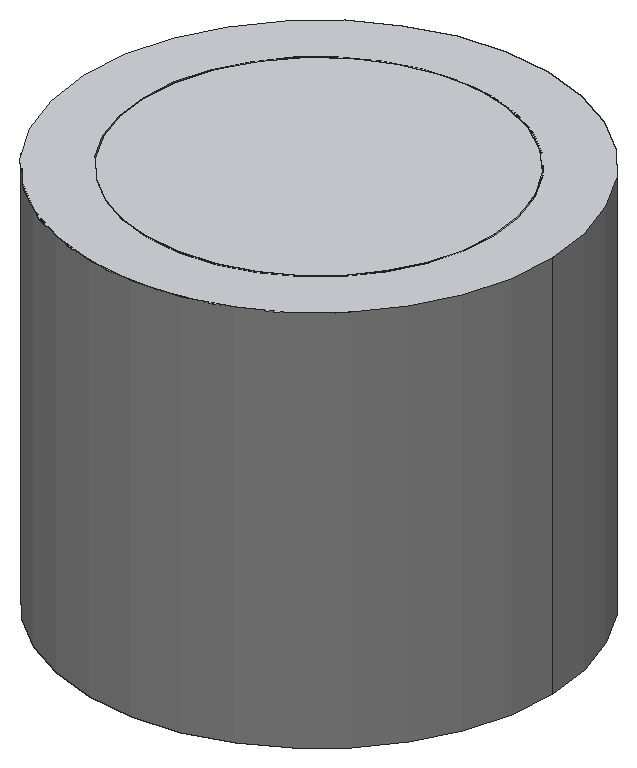
Revit family "4 Inch Slim LED Recessed Pot Lights", category Lighting Fixtures, host Ceiling, Revit 2020
Family settings
  Host = Ceiling
  Round Connector Dimension = Use Diameter
  Part Type = Normal
  OmniClass Number = 23.80.70.11
  OmniClass Title = Luminaries for Internal Lighting
  Always vertical = Yes
  Cut with Voids When Loaded = No
  Light Source = Yes
  Shared = No
  Room Calculation Point = No
Parameters
  Width = 0
  Wattage = 12.1178 W
  WarrantyPeriod = 0
  WarrantyGuarantorParts = ""
  WarrantyGuarantorLabor = ""
  WarrantyDurationParts = 0
  WarrantyDurationLabor = 0
  WarrantyDescription = ""
  WarrantyContent = ""
  built-in parameter 1150110 = 1 (stored number, unit not read)
  VisibleLightTransmittance = ""
  built-in parameter 1114217 = 1 (stored number, unit not read)
  built-in parameter 1150109 = 1 (stored number, unit not read)
  built-in parameter 1150134 = (empty or 0)
  built-in parameter 1150113 = 1 (stored number, unit not read)
  Size = ""
  Shape = ""
  ReplacementCost = 0
  Reference = ""
  NominalWidth = 0
  NominalLength = 0
  NominalHeight = 0
  ModelReference = ""
  ModelLabel = ""
  MaterialFrame = ""
  Material = ""
  Lumens = 1800 lm
  built-in parameter 1010506 = 0.5236 (stored number, unit not read)
  built-in parameter 1010507 = 1.5708 (stored number, unit not read)
  Tilt Angle = 90.00°
  built-in parameter 1150115 = 1 (stored number, unit not read)
  built-in parameter 1150105 = 6018.4 (stored number, unit not read)
  Light Source Symbol Length = 10' - 0"
  built-in parameter 1150137 = (empty or 0)
  built-in parameter 1150139 = (empty or 0)
  built-in parameter 1150112 = 1 (stored number, unit not read)
  built-in parameter 1150114 = 1 (stored number, unit not read)
  IsExtendedWarranty = 0
  built-in parameter 1150132 = 2
  built-in parameter 1150102 = (empty or 0)
  built-in parameter 1150138 = (empty or 0)
  built-in parameter 1150107 = 3000 (stored number, unit not read)
  built-in parameter 1150106 = 60.184 (stored number, unit not read)
  Height = 0
  GlobalTradeItemNumber = ""
  Finish = ""
  Features = ""
  ExpectedLife = ""
  built-in parameter 1150104 = 13.8 (stored number, unit not read)
  DurabilityRating = ""
  Dimming Lamp Color Temperature Shift = <None>
  Default Elevation = 0' - 0"
  CreatedBy = ""
  ConstructionMethod = ""
  Color Filter = 16777215
  Color = ""
  CodePerformance = ""
  CoatingFrame = ""
  BatchReference = ""
  BarCode = 0
  built-in parameter 1114218 = 1 (stored number, unit not read)
  built-in parameter 1150133 = 10 (stored number, unit not read)
  AssemblyPlace = ""
  ArticleNumber = ""
  Area = 0
  AccessibilityPerformance = ""
Reference planes (in)
  plane 1 "Light Source Axis (F/B)": y = 0
  plane 2 "Ceiling": z = 96
  plane 3 "Light Source Axis (L/R)": x = 0
  plane 4 "Light Source Elevation": z = 95.87976
Forms (in)
  Extrusion 1, solid
    sketch origin (0, 0, 96) x (1, 0, 0) y (0, 1, 0)
      loop
        circle (0, 0) r 2
      loop
        circle (0, 0) r 1.5
    from -0.12024 to 3.22179
  Extrusion 2, solid
    sketch origin (0, 0, 96) x (1, 0, 0) y (0, 1, 0)
      loop
        circle (0, 0) r 1.5
    from 0.55045 to 3.22179
Text (in)
  text "0 Tilt Angle" at (-58.35608, 9.29162, 84), in view "Ref. Level"
  text "180 Tilt Angle" at (25.71096, 9.29162, 84), in view "Ref. Level"
Dimensions and locks (in)
  equal spacing: host sketch curve, plane 3 "Light Source Axis (L/R)", host sketch curve
  equal spacing: host sketch curve, plane 1 "Light Source Axis (F/B)", host sketch curve
  host sketch curve to host sketch curve = 10' - 0"  (x2)
  aligned and locked: imposter light to plane 3 "Light Source Axis (L/R)"
  aligned and locked: plane 1 "Light Source Axis (F/B)" to imposter light
  aligned and locked: plane 4 "Light Source Elevation" to imposter light
